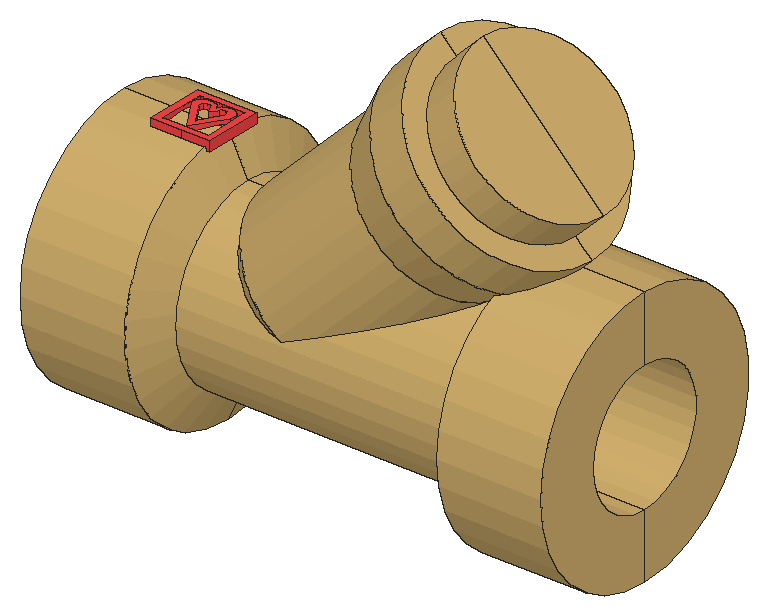
Revit family "Schmutzfänger 2662", category Rohrzubehör, Revit 2021
Family settings
  Bemaßung runder Anschluss = Durchmesser verwenden
  Teiletyp = Unterbricht
  OmniClass-Nummer = 23.65.55.14
  OmniClass-Titel = Valves for Liquid Services
  Arbeitsebenenbasiert = Nein
  Immer vertikal = Ja
  Beim Laden mit Abzugskörper schneiden = Nein
  Gemeinsam genutzt = Nein
Parameters
  min.Betriebstemperatur (Wasser) = 0.5 °C  # constant formula
  min.Betriebstemperatur = -30 °C  # constant formula
  max.Betriebstemperatur (Wasser) = 95 °C  # constant formula
  max.Betriebstemperatur = 130 °C  # constant formula
  max.Betriebsdruck = 2500000.0 Pa  # constant formula
  W01 = 45.00°  # constant formula
  Vorgabe-Ansicht = 0.000 mm
  URL = "www.herz-armaturen.at"
  Siebkappe = "geschmiedetes Messing gem. EN 12420, CW617N"  # constant formula
  Sieb = "Streckmetall, Rautenmasche, Edelstahl 1.4301, Maschenweite 0,5mm"  # constant formula
  SW01 [instance] = size_lookup("2662_", "SW1", 12.000 mm, Nennweite)  # 13.000 mm
  SCTWSEQ = "AW;SBT_TYP_AW=\"112\";2"
  SCTWCODE = "04;16;02"  # constant formula
  SCRNSEQ = "AWI;AWI_TYP=\"1011\";2"
  SCRNCODE = "05;15;02"  # constant formula
  S01 [instance] = R01 * 2  # 40.000 mm
  R07 [instance] = size_lookup("2662_", "R7", 13.000 mm, Nennweite)  # 16.500 mm
  R06 [instance] = size_lookup("2662_", "R6", 11.500 mm, Nennweite)  # 14.000 mm
  R05 [instance] = Nennweite / 2  # 10.000 mm
  R03 [instance] = size_lookup("2662_", "R3", 11.500 mm, Nennweite)  # 14.000 mm
  R02 [instance] = Nennweite / 2  # 10.000 mm
  R01 [instance] = (Nennweite / 2) + 10.000 mm  # 20.000 mm
  Nennweite [instance] = 20.000 mm
  Medium = "Heizungswasserqualität nach ÖNORM H 5195 oder VDI-Richtline 2035. Die Verwendung von Ethylen- oder\r\nPropylenglykol in einem Mischungsverhältnis 25 - 50% ist zulässig. Bitte beachten Sie die Hersteller- Dokumentation,\r\nwenn Glykol-Produkte für Frost- und Korrosionsschutz zum Einsatz kommen. EPDM-Dichtungen können durch\r\nMineralöle und Schmiermittel beschädigt werden und somit kann es zum Versagen der EPDM-Dichtungen führen.\r\nHERZ Kugelhähne sind nicht für den Einsatz von agressiven Medien (wie Säuren, Laugen, brennbaren und explosiven\r\nGase) geeignet, da die Dichtelemente beschädigt werden können."
  L16 [instance] = L03 / 2  # 7.750 mm
  L15 [instance] = R01 - 1.000 mm  # 19.000 mm
  L14 [instance] = L06 - L08  # 8.000 mm
  L11 [instance] = size_lookup("2662_", "L11", 4.500 mm, Nennweite)  # 6.000 mm
  L09 [instance] = size_lookup("2662_", "L9", 9.000 mm, Nennweite)  # 7.000 mm
  L08 [instance] = size_lookup("2662_", "L8", 23.500 mm, Nennweite)  # 32.000 mm
  L07 [instance] = size_lookup("2662_", "L7", 11.000 mm, Nennweite)  # 13.000 mm
  L06 [instance] = size_lookup("2662_", "L6", 36.500 mm, Nennweite) - L09  # 40.000 mm
  L03 [instance] = size_lookup("2662_", "L3", 15.000 mm, Nennweite)  # 15.500 mm
  L02 [instance] = size_lookup("2662_", "L2", 14.000 mm, Nennweite)  # 21.000 mm
  L01 [instance] = size_lookup("2662_", "L1", 17.000 mm, Nennweite)  # 16.000 mm
  L00 [instance] = size_lookup("2662_", "L", 68.000 mm, Nennweite)  # 80.000 mm
  Innengewinde = "gem. ISO 228-1"  # constant formula
  Hersteller = "Herz-Armaturen GmbH"  # constant formula
  Gehäuse (DN50) = "Messingguss gem. EN 1982; CC770S"  # constant formula
  Gehäuse (DN15-DN40) = "geschmiedetes Messing gem. EN 12420, CW617N"  # constant formula
  Dichtungen = "EPDM"  # constant formula
  Bestellnummer [instance] = size_lookup("2662_", "Artnr", 0, Nennweite)  # 1266202
  Anwendungsgebiet = "Die Schmutzfänger werden in Rohrleitungen eingebaut, um schädliche Fremdkörper von den feinst bearbeiteten\r\nVentilsitzen fernzuhalten. Anwendungsgebiete sind haustechnische Anlagen, wie z.B. Heizungs- oder\r\nKaltwasseranlagen für die Klimatisierung von Gebäuden. Aromatische Chlorkohlenwasserstoffe, welche in Erdgas,\r\nErdölen und Schmiermitteln vorkommen, zerstören die EPDM- Dichtungen."
Reference planes
  plane 1 "Mitte (Vorne/hinten)": y = 0
  plane 2: z = 0
  plane 3 "Mitte (Links/rechts)": x = 0
Forms (mm)
  Revolve 1, solid, material "Messing", detail levels fine
    sketch origin (470, 0, 0) x (1, 0, 0) y (0, 0, 1)
      loop
        line (-510, 10) -> (-494.5, 10) -> (-494.5, 0) -> (-445.5, 0) -> (-445.5, 10) -> (-430, 10) -> (-430, 20) -> (-446, 20) -> (-449, 14) -> (-491, 14) -> (-494, 20) -> (-510, 20) -> (-510, 10)
      axis (-510, 0) -> (-430, 0)
    angle from 0 to 360
  Revolve 2, solid, material "Messing", detail levels fine
    sketch origin (0.32, 0, -0.105) x (1, 0, 0) y (0, 0, 1)
      loop
        line (-13.32, 0) -> (24.157, 37.477) -> (14.964, 46.669) -> (10.722, 42.426) -> (8.247, 44.901) -> (3.297, 39.952) -> (-0.592, 32.527) -> (-17.563, 15.556) -> (-20.391, 7.071) -> (-13.32, 0)
      axis (-13.32, 0) -> (24.157, 37.477)
    angle from 0 to 360
Lines and regions (mm)
  model lines, detail levels coarse+medium
    curve 1: line (-40, 0, 20) -> (40, 0, 20)
    curve 2: line (-40, 0, -20) -> (-40, 0, 20)
    curve 3: line (40, 0, -20) -> (-40, 0, -20)
    curve 4: line (40, 0, 20) -> (40, 0, -20)
    curve 6: line (-40, 20, 0) -> (40, 20, 0)
    curve 7: line (-40, -20, 0) -> (-40, 20, 0)
    curve 8: line (40, -20, 0) -> (-40, -20, 0)
    curve 9: line (40, 20, 0) -> (40, -20, 0)
    curve 10: line (40, -20, 0) -> (-40, 20, 0)
  symbolic lines, style "PipeAccessory"
    curve 5: line (40, 0, -20) -> (-40, 0, 20)
Dimensions and locks
  "L00": Revolve 1 sketch curve to Revolve 1 sketch curve
  equal spacing: Revolve 1 sketch curve, plane 3 "Mitte (Links/rechts)", Revolve 1 sketch curve
  "R01": Revolve 1 sketch curve to Revolve 1 sketch curve  (x2)
  "R02": Revolve 1 sketch curve to Revolve 1 sketch curve  (x2)
  "L01": Revolve 1 sketch curve to Revolve 1 sketch curve  (x2)
  "L02": plane 3 "Mitte (Links/rechts)" to Revolve 1 sketch curve
  "L02": Revolve 1 sketch curve to plane 3 "Mitte (Links/rechts)"
  "R03": Revolve 1 sketch curve to Revolve 1 sketch curve
  "L03": Revolve 1 sketch curve to Revolve 1 sketch curve  (x2)
  "L11": Revolve 2 sketch curve to Revolve 2 sketch curve
  "L07": plane 3 "Mitte (Links/rechts)" to Revolve 2 sketch curve  (x2)
  "R05": Revolve 2 sketch curve to Revolve 2 sketch curve
  "L06": Revolve 2 sketch curve to Revolve 2 sketch curve
  "L08": Revolve 2 sketch curve to Revolve 2 sketch curve
  "R06": Revolve 2 sketch curve to Revolve 2 sketch curve
  "L14": Revolve 2 sketch curve to Revolve 2 sketch curve
  "L15": nested 1 to plane 2
  "L16": Revolve 1 to nested 1
  equal spacing: curve 7, plane 3 "Mitte (Links/rechts)", curve 9
  "L00": curve 7 to curve 9
  "S01": curve 6 to curve 8
  equal spacing: curve 4, plane 3 "Mitte (Links/rechts)", curve 2
  "L00": curve 4 to curve 2
  equal spacing: curve 1, plane 2, curve 3
  "S01": curve 1 to curve 3
  equal spacing: curve 8, plane 1 "Mitte (Vorne/hinten)", curve 6
  "L09": Revolve 2 sketch curve to Revolve 2 sketch curve
  "R07": Revolve 2 sketch curve to Revolve 2 sketch curve
  "SW01": Revolve 2 sketch curve to Revolve 2 sketch curve
  "W01": angle plane 2 to Revolve 2 sketch curve
  "W01": angle level to Revolve 2 sketch curve
  aligned and locked: level to plane 2
Automatic sketch dimensions
  Revolve 1 sketch curve to level = 0.000 mm  (x2)
  Revolve 1 sketch curve to Revolve 1 sketch curve = 791.990 mm
  Revolve 1 sketch curve to Revolve 1 sketch curve = 2278.983 mm
  Revolve 2 sketch curve to level = 0.105 mm
  Revolve 2 sketch curve to Revolve 2 sketch curve = 0.000 mm
Nested families
  nested 1: "Herz-Logo" at (-27.732, 0, 19), type "Herz-Logo", detail levels fine
Connectors
  piping at (-24.5, 0, 0), diameter 20, driven by "Nennweite"
    settings: on Revolve 1, index 1, connector inside diameter 609.6 mm, connector length 0.000 mm, flow factor 0, pipe flow 0.0 L/s, pressure drop 0.0 Pa, fitting loss kfactor 0, connector angle 0.00°, fixture units 0, engagement length 0.000 mm, angle of deflection 0.00°, flow configuration 0, flow direction 1, fitting loss method 0, system type 29, joint type 0, gender type 0, connector reference index -1, connector utility 0, adjustable connector no, is connector primary yes, connector description ""
  piping at (24.5, 0, 0), diameter 20, driven by "Nennweite"
    settings: on Revolve 1, index 2, connector inside diameter 609.6 mm, connector length 0.000 mm, flow factor 0, pipe flow 0.0 L/s, pressure drop 0.0 Pa, fitting loss kfactor 0, connector angle 0.00°, fixture units 0, engagement length 0.000 mm, angle of deflection 0.00°, flow configuration 0, flow direction 2, fitting loss method 0, system type 29, joint type 0, gender type 0, connector reference index -1, connector utility 0, adjustable connector no, is connector primary no, connector description ""
Definition of nested family "Herz-Logo"
  Parameters (values of type "Herz-Logo")
    Default Elevation = 0.000 mm
  Reference planes
    plane 1 "Mitte (Vorne/hinten)": y = 0
    plane 2: z = 0
    plane 3 "Mitte (Links/rechts)": x = 0
  Forms (mm)
    Extrusion 1, solid
      sketch origin (0, 0, 0) x (1, 0, 0) y (0, 1, 0)
        loop
          line (-0.018, -4.517) -> (4.482, -4.517) -> (4.482, 4.483) -> (-4.518, 4.483) -> (-4.518, -4.517) -> (-0.018, -4.517)
        loop
          line (-0.05, -3.48) -> (3.482, -3.48) -> (3.482, 3.483) -> (-3.518, 3.483) -> (-3.518, -3.48) -> (-0.05, -3.48)
        loop
          arc (-0.018, 2.383) -> (-1.543, 3.287) -> (-3.067, 2.383) r 1.738
          arc (-3.067, 2.383) -> (-3.191, 1.899) -> (-3.067, 1.415) r 1.009
          line (-3.067, 1.415) -> (-0.018, -3.281) -> (3.032, 1.415)
          arc (3.032, 1.415) -> (3.156, 1.899) -> (3.032, 2.383) r 1.009
          arc (3.032, 2.383) -> (1.507, 3.287) -> (-0.018, 2.383) r 1.738
        loop
          arc (1.885, 1.272) -> (2.005, 1.675) -> (1.885, 2.079) r 0.74
          arc (1.885, 2.079) -> (1.265, 2.416) -> (0.644, 2.079) r 0.74
          line (0.644, 2.079) -> (-0.018, 0.97) -> (-0.679, 2.079)
          arc (-0.679, 2.079) -> (-1.3, 2.416) -> (-1.921, 2.079) r 0.74
          arc (-1.921, 2.079) -> (-2.04, 1.675) -> (-1.921, 1.272) r 0.74
          line (-1.921, 1.272) -> (-0.018, -1.658) -> (1.885, 1.272)
      from 0 to 1.5
  Dimensions and locks
    aligned and locked: level to plane 2
